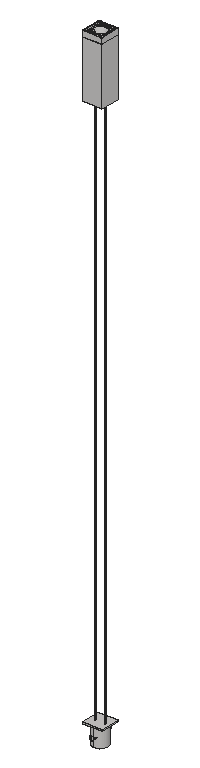
Revit family "CLighting-Luminii-Leto_44_Mini_P", category Lighting Fixtures, host Face, Revit 2020
Family settings
  Host = Face
  Round Connector Dimension = Use Diameter
  Part Type = Normal
  OmniClass Number = 23.80.70.11.14.21
  OmniClass Title = Spots and Tracklight Specialties
  Cut with Voids When Loaded = No
  Light Source = Yes
  Shared = Yes
  Room Calculation Point = No
Parameters (values of type "Medium")
  Width = 2 1/2"  # constant formula
  Wattage Comments = "6.1W"
  Wattage = 6.10022 W
  Warranty URL = "https://www.luminii.com/terms-conditions/"
  built-in parameter 1150110 = 1 (stored number, unit not read)
  Voltage Comments = "120V | 277V | 347V"  # constant formula
  Voltage = 120 V
  Version = "2020 - v1.0a"  # constant formula
  URL = "https://www.luminii.com/"
  built-in parameter 1114217 = 1 (stored number, unit not read)
  Tilt Angle = -90.00°  # constant formula
  built-in parameter 1150109 = 1 (stored number, unit not read)
  built-in parameter 1150134 = (empty or 0)
  built-in parameter 1150113 = 1 (stored number, unit not read)
  Support Phone = "224-699-9545"  # constant formula
  Support Email = "mailto:support@bimsmith.com"
  Product Page URL = "https://www.luminii.com/product/leto-44-mini-p/"
  Power Source Type = "Driver"  # constant formula
  Power Factor = 1
  Photometric Web File = "731-M-A90-660-35-15-00.ies"
  Phase = 1
  Operating Temperature = "Consult Manufacturer Website for more Information"  # constant formula
  Number of Poles = if(and(or(Voltage = 120 V, Voltage = 277 V), Phase = 1), 1, if(and(or(Voltage = 208 V, Voltage = 240 V), Phase = 1), 2, if(and(or(Voltage = 208 V, Voltage = 240 V), Phase = 3), 3, if(and(Voltage > 300 V, Phase = 1), 2, if(and(Voltage > 400 V, Phase = 3), 3, 1)))))  # 1
  Mounting Method = "Ceiling Mount"  # constant formula
  Model = if(Constraints = 1, "731-S", if(Constraints = 2, "731-M", if(Constraints = 3, "731-L", "N/A")))  # "731-M"
  Manufacturer Phone Number = "403-216-7043"  # constant formula
  Manufacturer Email = "mailto: info@sensolighting.com"
  Manufacturer Address = "302 50 Ave SE. Calgary, Alberta, T2G 2A9 Canada"  # constant formula
  Manufacturer = "Luminii"  # constant formula
  built-in parameter 1150105 = 55.704 (stored number, unit not read)
  Lumens = 700 lm
  Luminaire Type = "Pendant LED Downlight"  # constant formula
  built-in parameter 1150115 = 1 (stored number, unit not read)
  Load Classification = Lighting
  built-in parameter 1150137 = (empty or 0)
  built-in parameter 1150139 = (empty or 0)
  Lens Material = Plastic - Luminii - Frosted Lens
  Length [instance] = if(Constraints = 1, 2 7/8", if(Constraints = 2, 8 37/128", if(Constraints = 3, 13 159/256", 2 7/8")))  # 8 37/128"
  built-in parameter 1150112 = 1 (stored number, unit not read)
  built-in parameter 1150114 = 1 (stored number, unit not read)
  Lamp Life = 1
  Lamp = "LED"  # constant formula
  Keynote = "26 50 00"
  built-in parameter 1150132 = 2
  built-in parameter 1150102 = (empty or 0)
  built-in parameter 1150107 = 3500 (stored number, unit not read)
  Initial Color Comments = "Perfomance based on 3500K Photometric Web File"  # constant formula
  built-in parameter 1150138 = (empty or 0)
  built-in parameter 1150106 = 0.55704 (stored number, unit not read)
  Housing Protection Rating = "Consult Manufacturer Website for more Information"  # constant formula
  Has Dimming = 1 = 1  # yes
  Has Battery Backup = 0 = 1  # no
  Frequency Comments = ""  # constant formula
  Frequency = 60 Hz
  Finish = Metal - Luminii - Silver Anodized Aluminum
  Environment = "Indoor"  # constant formula
  built-in parameter 1150104 = 10.661 (stored number, unit not read)
  Dimming Type = "Consult Manufacturer Website for more Information"  # constant formula
  Dimming Lamp Color Temperature Shift = <None>
  Description = "Small Square Pendant"  # constant formula
  Depth = 2 1/2"  # constant formula
  Default Elevation = 0"  # constant formula
  Current Amps = 50 A
  Copyright = "©2023 Luminii"  # constant formula
  Control Zone = "Consult Manufacturer Website for more Information"  # constant formula
  Control Type = "Consult Manufacturer Website for more Information"  # constant formula
  Constraints = 2
  Color Filter = 16777215
  built-in parameter 1114216 [instance] = 0  # (empty or 0)
  Canopy Finish = Metal - Luminii - Silver Anodized Aluminum
  built-in parameter 1140040 [instance] = 1 = 1  # 1
  CCT = "3500K"
  C Canopy Offset [instance] = 0.14764"  # constant formula
  Desired Cable Length [instance] = 72"  # constant formula
  built-in parameter 1114218 = 1 (stored number, unit not read)
  built-in parameter 1150133 = 10 (stored number, unit not read)
  Assembly Code = "D5020230"
  Apparent Load = Wattage / Power Factor  # 6.10022 VA
  Actual Cable Length [instance] = if(Desired Cable Length < 12", 12", if(Desired Cable Length > 96", 96", Desired Cable Length))  # 72"
Types (3): name | Photometric Web File | Model | Length | Constraints
  Small | "731-S-A90-660-35-15-00.ies" | "731-S" | 2 7/8" | 1
  Medium | "731-M-A90-660-35-15-00.ies" | "731-M" | 8 37/128" | 2
  Large | "731-L-A90-660-35-15-00.ies" | "731-L" | 13 159/256" | 3
Reference planes (in)
  plane 1 "Center (Front/Back)": y = 0
  plane 2: z = 0
  plane 3 "Center (Left/Right)": x = 0
  plane 4: x = 0
  plane 5: x = 0
  plane 6: y = 1.25
  plane 7: y = -1.25
  plane 8 "B": z = 0.14764
  plane 9 "A": z = 72.14764
Forms (in)
  Extrusion 1, solid, material "Metal - Luminii - Silver Anodized Aluminum", not visible
    sketch origin (0, 0, 0) x (1, 0, 0) y (0, 1, 0)
      loop
        circle (0, 0) r 0.5
    from 0 to -0.17225
  Revolve 2, void
    sketch origin (0, 0, 0) x (1, 0, 0) y (0, 0, 1)
      loop
        line (0, -2.42867) -> (0, 0) -> (-1, 0) -> (-1, -2.42867) -> (0, -2.42867)
      axis (0, -2.42867) -> (0, 0)
    angle from 0 to 360
Lines and regions (in)
  model lines
    curve 1: line (-0.37509, -0.55408, 0) -> (-0.37509, -0.55408, 0.14764)
  reference lines
    curve 2: line (-0.37509, 13.23986, 80.4367) -> (-0.37509, -8.26014, 80.4367)
Dimensions and locks (in)
  equal spacing: plane 4, plane 3 "Center (Left/Right)", plane 5
  equal spacing: plane 6, plane 1 "Center (Front/Back)", plane 7
  plane 4 to plane 5 = 0"
  "Width": plane 6 to plane 7
  "Actual Cable Length": plane 9 "A" to plane 8 "B"
  "C Canopy Offset": plane 8 "B" to host face
  "Length": curve 2 to plane 9 "A"
  locked: imposter light to curve 2 at 0.93812
  aligned and locked: plane 2 to host face
  aligned and locked: plane 3 "Center (Left/Right)" to Extrusion 1 sketch curve
  aligned and locked: plane 1 "Center (Front/Back)" to Extrusion 1 sketch curve
  aligned and locked: plane 2 to Extrusion 1  (x2)
  aligned and locked: imposter light to plane 3 "Center (Left/Right)"
  aligned and locked: imposter light to plane 1 "Center (Front/Back)"
  aligned and locked: plane 3 "Center (Left/Right)" to nested 1
  aligned and locked: plane 1 "Center (Front/Back)" to nested 1
  aligned and locked: plane 3 "Center (Left/Right)" to nested 2
  aligned and locked: plane 1 "Center (Front/Back)" to nested 2
  aligned and locked: nested 1 to plane 9 "A"
Automatic sketch dimensions
  host sketch curve to host sketch curve = 96"  (x2)
  curve 1 to level = 0"
  level to curve 1 = 0.14764"
  plane 7 to curve 1 = 0.69592"
  curve 2 to plane 7 = 7.01014"
  plane 6 to curve 2 = 11.98986"
  Revolve 2 sketch curve to level = 0"
  Revolve 2 sketch curve to plane 3 "Center (Left/Right)" = 0"  (x2)
  Revolve 2 sketch curve to Revolve 2 sketch curve = 1"
  Revolve 2 sketch curve to level = 2.42867"
  Revolve 2 sketch curve to Revolve 2 sketch curve = 0.28485"
  Revolve 2 sketch curve to Revolve 2 sketch curve = 0.8842"
  radius of Extrusion 1 sketch curve = 1/2"
Nested families (in)
  nested 1: "Nested - Lamp" at (0, 0, 72.14764), type "Nested - Lamp"
  nested 2: "Nested - Canopy" at (0, 0, 0), type "Default"
    with Cable Length 72"
Connectors (in)
  electrical at (0, 0, 0), driven by "Number of Poles", driven by "Load Classification", driven by "Voltage", driven by "Apparent Load", driven by "Power Factor"
    settings: on Extrusion 1, index 1, voltage 120 V, apparent load 6.10022 VA, apparent load phase1 0 VA, apparent load phase2 0 VA, apparent load phase3 0 VA, power factor 1, load classification "Lighting", number of poles 1, system type 30, power factor state 1, is connector primary yes, connector utility no, sub classification motor no, connector description "Power Connection"
Definition of nested family "Nested - Lamp"
  Parameters (values of type "Nested - Lamp")
    Width = 3.74016"  # constant formula
    Screen Material = none
    Inner Screen = none
    Height = if(Constraint = 1, 2.87402", if(Constraint = 2, 8.2874", if(Constraint = 3, 13.62205", 2.87402")))  # 8.2874"
    Finish = none
    Default Elevation = 48"
    Constraint = 2
  Reference planes (in)
    plane 1 "Center (Front/Back)": y = 0
    plane 2: z = 0
    plane 3 "Center (Left/Right)": x = 0
  Forms (in)
    Extrusion 1, solid
      sketch origin (0, 0, 0) x (1, 0, 0) y (0, 1, 0)
        loop
          line (-48, 48) -> (-48, -48) -> (48, -48) -> (48, 48) -> (-48, 48)
      from 0 to -12
    Sweep 2, solid, material <- "Finish", detail levels medium+fine
      path origin (-0.03362, 1.25, 6.49606) x (0, 1, 0) y (-1, 0, 0)
        loop
          line (0.62008, -1.9037) -> (0.62008, 1.83645) -> (-3.12008, 1.83645) -> (-3.12008, -1.9037) -> (0.62008, -1.9037)
      profile origin (1.87008, 0, 6.49606) x (1, 0, 0) y (0, 0, 1)
        loop
          line (-0.62008, -6.49606) -> (-0.62008, 0.94488) -> (-0.67913, 0.94488) -> (-0.67913, 1.00394) -> (-0.62008, 1.00394) -> (-0.62008, 1.77165) -> (-0.77409, 1.77165) -> (-0.80217, 1.54298) -> (-0.84154, 1.54298) -> (-0.85874, 1.68307) -> (-0.91923, 1.68307) -> (-0.91923, 1.61417) -> (-0.88583, 1.61417) -> (-0.88583, 1.39764) -> (-0.77461, 1.39764) -> (-0.77461, -6.37795) -> (-0.67913, -6.37795) -> (-0.67913, -6.49606) -> (-0.62008, -6.49606)
    Extrusion 3, solid, material <- "Finish"
      sketch origin (-0.03362, 1.25, 8.28705) x (0, 1, 0) y (-1, 0, 0)
        loop
          line (-2.44094, -1.22457) -> (-0.05906, -1.22457) -> (-0.05906, 1.15732) -> (-2.44094, 1.15732) -> (-2.44094, -1.22457)
      from -8.26595 to -8.16894
    Sweep 4, solid, material <- "Finish", detail levels coarse
      path origin (-0.03362, 1.25, 6.49606) x (0, 1, 0) y (-1, 0, 0)
        loop
          line (0.62008, -1.9037) -> (0.62008, 1.83645) -> (-3.12008, 1.83645) -> (-3.12008, -1.9037) -> (0.62008, -1.9037)
      profile origin (1.87008, 0, 6.49606) x (1, 0, 0) y (0, 0, 1)
        loop
          line (-0.62008, -6.49606) -> (-0.62008, 1.79134) -> (-0.77167, 1.79134) -> (-0.77167, 1.68307) -> (-0.91923, 1.68307) -> (-0.91923, 1.61417) -> (-0.88583, 1.61417) -> (-0.88583, 1.39764) -> (-0.77461, 1.39764) -> (-0.77461, -6.37795) -> (-0.67913, -6.37795) -> (-0.67913, -6.49606) -> (-0.62008, -6.49606)
    Extrusion 5, solid, material <- "Finish", detail levels medium+fine
      sketch origin (1.09599, 1.09599, 8.26772) x (0, -1, 0) y (1, 0, 0)
        loop
          line (2.30072, 0.10873) -> (-0.10873, 0.10873) -> (-0.10873, -2.30072) -> (2.30072, -2.30072) -> (2.30072, 0.10873)
        loop
          line (-0.15401, 0.15401) -> (-0.15401, -2.34599) -> (2.34599, -2.34599) -> (2.34599, 0.15401) -> (-0.15401, 0.15401)
      from 0 to 0.01969
    Extrusion 6, solid, material <- "Finish", detail levels coarse
      sketch origin (0.95084, 0.95084, 8.17913) x (0, -1, 0) y (1, 0, 0)
        loop
          line (1.90169, 0) -> (0, 0) -> (0, -1.90169) -> (1.90169, -1.90169) -> (1.90169, 0)
        loop
          circle (0.95084, -0.95084) r 0.91278
      from 0 to -0.0689
    Revolve 7, solid
      sketch origin (-6.02743, 0, 8.2874) x (1, 0, 0) y (0, 0, 1)
        loop
          line (7.00343, -0.20866) -> (7.00343, -0.17717) -> (6.94044, -0.17717) -> (6.60579, -0.90157) -> (6.54528, -0.90157) -> (6.50026, -0.9765) -> (6.02743, -0.9765) -> (6.02743, -1.05456) -> (6.51832, -1.008) -> (6.56334, -0.93307) -> (6.62741, -0.93307) -> (6.96145, -0.20866) -> (7.00343, -0.20866)
        axis (6.02743, -0.17717) -> (6.02743, -1.05456)
      angle from 0 to 360
    Extrusion 8, solid, material <- "Screen Material"
      sketch origin (0, 0, 7.3109) x (0.477236, 0.878775, 0) y (-0.878775, 0.477236, 0)
        loop
          circle (0, 0) r 0.47283
      from 0 to 0.03937
    Revolve 9, solid, material <- "Finish"
      sketch origin (-0.49058, 0, 5.50775) x (1, 0, 0) y (0, 0, 1)
        loop
          line (1.38328, -5.48665) -> (1.15002, -5.48665) -> (1.15002, -5.54571) -> (1.38328, -5.54571) -> (1.38328, -5.48665)
        axis (1.15002, -5.48665) -> (1.15002, -5.54571)
      angle from 0 to 360
    Revolve 10, solid, material <- "Finish"
      sketch origin (0.49058, 0, 5.50775) x (-1, 0, 0) y (0, 0, -1)
        loop
          line (1.38328, 5.48665) -> (1.38328, 5.54571) -> (1.15002, 5.54571) -> (1.15002, 5.48665) -> (1.38328, 5.48665)
        axis (1.15002, 5.48665) -> (1.15002, 5.54571)
      angle from 0 to 360
    Extrusion 11, solid, material <- "Finish", detail levels medium+fine
      sketch origin (0.95084, 0.95084, 8.17913) x (0, -1, 0) y (1, 0, 0)
        loop
          line (1.90169, 0) -> (0, 0) -> (0, -1.90169) -> (1.90169, -1.90169) -> (1.90169, 0)
        loop
          circle (0.95084, -0.95084) r 0.91278
      from 0 to -0.0689
  Lines and regions (in)
    reference lines
      curve 1: line (-6.02743, 0, 8.2874) -> (4.47257, 0, 8.2874)
  Dimensions and locks (in)
    "Height": curve 1 to Extrusion 1
    locked: curve 1 to Extrusion 5 at 0.01969
    curve 1 to Sweep 2 sketch curve to Sweep 2 sketch curve to Sweep 2 sketch curve to Sweep 2 sketch curve to Sweep 2 sketch curve to Sweep 2 sketch curve = 0.01969" locked, 0.15748" locked, 0.07119" locked, 0.14534" locked, 0.3937" locked, 0.05906" locked
    curve 1 to Extrusion 8 to Extrusion 8 = 0.93713" locked, 0.03937" locked
    curve 1 to Extrusion 11 to Extrusion 11 = 0.10827" locked, 0.0689" locked
    curve 1 to Extrusion 6 to Extrusion 6 = 0.10827" locked, 0.0689" locked
    curve 1 to Sweep 4 sketch curve to Sweep 4 sketch curve to Sweep 4 sketch curve = 0.10827" locked, 0.0689" locked, 0.21654" locked
    aligned and locked: plane 2 to Extrusion 1
    aligned and locked: level to Extrusion 1
    aligned and locked: Extrusion 5 to curve 1
    aligned and locked: curve 1 to Sweep 4 sketch curve
  Automatic sketch dimensions
    Extrusion 1 sketch curve to Extrusion 1 sketch curve = 96"  (x2)
    plane 1 "Center (Front/Back)" to Sweep 2 sketch curve = 1.87008"
    Sweep 2 sketch curve to plane 1 "Center (Front/Back)" = 1.87008"
    plane 3 "Center (Left/Right)" to Sweep 2 sketch curve = 1.87008"
    Sweep 2 sketch curve to plane 3 "Center (Left/Right)" = 1.87008"
    profile plane to Sweep 2 sketch curve = 0.91923"
    Sweep 2 sketch curve to Sweep 2 sketch curve = 0.03341"
    Sweep 2 sketch curve to Sweep 2 sketch curve = 0.0605"
    Sweep 2 sketch curve to Sweep 2 sketch curve = 0.04429"
    Sweep 2 sketch curve to Sweep 2 sketch curve = 0.03937"
    profile plane to Sweep 2 sketch curve = 0.77461"
    Sweep 2 sketch curve to Sweep 2 sketch curve = 0.08465"
    Sweep 2 sketch curve to Sweep 2 sketch curve = 0.09547"  (x2)
    Sweep 2 sketch curve to Sweep 2 sketch curve = 0.15401"
    Sweep 2 sketch curve to Sweep 2 sketch curve = 0"
    Sweep 2 sketch curve to profile plane = 6.37795"
    Sweep 2 sketch curve to Sweep 2 sketch curve = 0.11811"
    Sweep 2 sketch curve to Sweep 2 sketch curve = 0.0689"
    plane 1 "Center (Front/Back)" to Extrusion 3 sketch curve = 1.19094"
    Extrusion 3 sketch curve to plane 1 "Center (Front/Back)" = 1.19094"
    plane 3 "Center (Left/Right)" to Extrusion 3 sketch curve = 1.19094"
    Extrusion 3 sketch curve to plane 3 "Center (Left/Right)" = 1.19094"
    plane 1 "Center (Front/Back)" to Sweep 4 sketch curve = 1.87008"
    Sweep 4 sketch curve to plane 1 "Center (Front/Back)" = 1.87008"
    plane 3 "Center (Left/Right)" to Sweep 4 sketch curve = 1.87008"
    Sweep 4 sketch curve to plane 3 "Center (Left/Right)" = 1.87008"
    profile plane to Sweep 4 sketch curve = 0.91923"
    Sweep 4 sketch curve to Sweep 4 sketch curve = 0.03341"
    profile plane to Sweep 4 sketch curve = 0.77461"
    Sweep 4 sketch curve to Sweep 4 sketch curve = 0.11416"
    Sweep 4 sketch curve to Sweep 4 sketch curve = 0.09547"
    Sweep 4 sketch curve to Sweep 4 sketch curve = 0.15159"
    Sweep 4 sketch curve to profile plane = 6.37795"
    Sweep 4 sketch curve to Sweep 4 sketch curve = 0.11811"
    Extrusion 5 sketch curve to Sweep 2 = 0"  (x3)
    Sweep 2 to Extrusion 5 sketch curve = 0"
    Sweep 2 to Extrusion 5 sketch curve = 0.04528"  (x4)
    Sweep 4 to Extrusion 6 sketch curve = 0"
    Extrusion 6 sketch curve to Sweep 4 = 0"  (x3)
    Sweep 4 to Extrusion 6 sketch curve = 0.95084"  (x2)
    curve 1 to Revolve 7 sketch curve = 0.9765"
    Revolve 7 sketch curve to curve 1 = 4.47257"
    Revolve 7 sketch curve to Revolve 7 sketch curve = 0.47283"
    curve 1 to Revolve 7 sketch curve = 1.008"
    Revolve 7 sketch curve to Revolve 7 sketch curve = 0.01806"  (x2)
    curve 1 to Revolve 7 sketch curve = 0.90157"
    Revolve 7 sketch curve to Revolve 7 sketch curve = 0.04502"
    curve 1 to Revolve 7 sketch curve = 0.93307"
    Revolve 7 sketch curve to Revolve 7 sketch curve = 0.04245"
    Revolve 7 sketch curve to Revolve 7 sketch curve = 0.02161"
    curve 1 to Revolve 7 sketch curve = 0.17717"
    Revolve 7 sketch curve to Revolve 7 sketch curve = 0.33465"
    curve 1 to Revolve 7 sketch curve = 0.20866"
    Revolve 7 sketch curve to Revolve 7 sketch curve = 0.02101"
    Revolve 7 sketch curve to Revolve 7 sketch curve = 0.04198"
    Revolve 7 sketch curve to Revolve 7 sketch curve = 0.07806"
    Revolve 7 sketch curve to Revolve 7 sketch curve = 0"  (x2)
    Revolve 7 sketch curve to curve 1 = 32.2874"
    plane 1 "Center (Front/Back)" to Extrusion 8 sketch curve = 0"
    Extrusion 8 sketch curve to plane 3 "Center (Left/Right)" = 0"
    level to Revolve 9 sketch curve = 0.0211"
    plane 3 "Center (Left/Right)" to Revolve 9 sketch curve = 0.65943"
    Revolve 9 sketch curve to level = 0.03796"
    Revolve 9 sketch curve to Revolve 9 sketch curve = 0.23327"
    Revolve 9 sketch curve to Revolve 9 sketch curve = 0"  (x2)
    Revolve 9 sketch curve to Revolve 9 sketch curve = 0.06786"
    level to Revolve 10 sketch curve = 0.0211"
    Revolve 10 sketch curve to plane 3 "Center (Left/Right)" = 0.65943"
    Revolve 10 sketch curve to level = 0.03796"
    Revolve 10 sketch curve to Revolve 10 sketch curve = 0.23327"
    Revolve 10 sketch curve to Revolve 10 sketch curve = 0"  (x2)
    Revolve 10 sketch curve to Revolve 10 sketch curve = 0.06786"
    Sweep 4 to Extrusion 11 sketch curve = 0"
    Extrusion 11 sketch curve to Sweep 4 = 0"  (x3)
    Sweep 4 to Extrusion 11 sketch curve = 0.95084"  (x2)
    curve 1 to plane 3 "Center (Left/Right)" = 6.02743"
    plane 3 "Center (Left/Right)" to curve 1 = 4.47257"
    radius of Extrusion 6 sketch curve = 0.91278"
    radius of Extrusion 8 sketch curve = 0.47283"
    radius of Extrusion 11 sketch curve = 0.91278"
Definition of nested family "Nested - Canopy"
  Parameters (values of type "Default")
    Square Canopy = no
    Round Canopy = yes
    Finish = none
    Feed Cable = 0.23"  # constant formula
    Default Elevation = 0"
    Cable Length = 74.13583"
    Aircraft Cable = 0.05"  # constant formula
  Reference planes (in)
    plane 1 "Center (Front/Back)": y = 0
    plane 2: z = 0
    plane 3 "Center (Left/Right)": x = 0
    plane 4: z = 74.28346
    plane 5: z = 0.14764
    plane 6: x = 1.25
    plane 7: x = -1.25
    plane 8: y = -1.25
    plane 9: y = 1.25
  Forms (in)
    Revolve 1, solid
      sketch origin (0, 0, 0) x (0, 1, 0) y (0, 0, 1)
        loop
          line (1, -2.42867) -> (1, 0) -> (0, 0) -> (0, -2.42867) -> (1, -2.42867)
        axis (0, 0) -> (0, -2.42867)
      angle from 0 to 360
    Extrusion 2, solid
      sketch origin (0, 0, 0) x (1, 0, 0) y (0, 1, 0)
        loop
          line (-0.22262, -0.9749) -> (-0.18726, -1.44135) -> (-0.10216, -1.52925)
          arc (-0.10216, -1.52925) -> (-0.08304, -1.53556) -> (-0.06697, -1.52343) r 0.02169
          line (-0.06697, -1.52343) -> (-0.03509, -1.4261)
          arc (-0.03509, -1.4261) -> (-0.01025, -1.41352) -> (0.00233, -1.43836) r 0.01969
          line (0.00233, -1.43836) -> (0.32189, -1.54302) -> (0.27773, -0.96066)
          arc (0.27773, -0.96066) -> (0.02846, -0.99959) -> (-0.22262, -0.9749) r 1
        loop
          line (0.22262, 0.9749) -> (0.18726, 1.44135) -> (0.10216, 1.52925)
          arc (0.10216, 1.52925) -> (0.08304, 1.53556) -> (0.06697, 1.52343) r 0.02169
          line (0.06697, 1.52343) -> (0.03509, 1.4261)
          arc (0.03509, 1.4261) -> (0.01025, 1.41352) -> (-0.00233, 1.43836) r 0.01969
          line (-0.00233, 1.43836) -> (-0.32189, 1.54302) -> (-0.27773, 0.96066)
          arc (-0.27773, 0.96066) -> (-0.02846, 0.99959) -> (0.22262, 0.9749) r 1
      from -1.29764 to -1.22295
    Extrusion 3, solid
      sketch origin (-0.30074, 1.60238, 0) x (0.31126, 0.950325, 0) y (0, 0, -1)
        loop
          arc (-0.06299, 1.22295) -> (-0.01845, 1.2045) -> (0, 1.15996) r 0.06299
          line (0, 1.15996) -> (0, 0.90394) -> (0.07469, 0.90394) -> (0.07469, 1.15996)
          arc (0.07469, 1.15996) -> (0.03436, 1.25731) -> (-0.06299, 1.29764) r 0.13768
          line (-0.06299, 1.29764) -> (-0.06299, 1.22295)
      from 0 to -0.33465
    Extrusion 4, solid
      sketch origin (0.30074, -1.60238, 0) x (-0.31126, -0.950325, 0) y (0, 0, -1)
        loop
          arc (-0.06299, 1.22295) -> (-0.01845, 1.2045) -> (0, 1.15996) r 0.06299
          line (0, 1.15996) -> (0, 0.90394) -> (0.07469, 0.90394) -> (0.07469, 1.15996)
          arc (0.07469, 1.15996) -> (0.03436, 1.25731) -> (-0.06299, 1.29764) r 0.13768
          line (-0.06299, 1.29764) -> (-0.06299, 1.22295)
      from 0 to -0.33465
    Extrusion 5, solid, material <- "Finish"
      sketch origin (0, 0, 0) x (1, 0, 0) y (0, 1, 0)
        loop
          line (1.25, -1.22047) -> (1.25, 1.22047)
          arc (1.25, 1.22047) -> (1.24135, 1.24135) -> (1.22047, 1.25) r 0.02953
          line (1.22047, 1.25) -> (-1.22047, 1.25)
          arc (-1.22047, 1.25) -> (-1.24135, 1.24135) -> (-1.25, 1.22047) r 0.02953
          line (-1.25, 1.22047) -> (-1.25, -1.22047)
          arc (-1.25, -1.22047) -> (-1.24135, -1.24135) -> (-1.22047, -1.25) r 0.02953
          line (-1.22047, -1.25) -> (1.22047, -1.25)
          arc (1.22047, -1.25) -> (1.24135, -1.24135) -> (1.25, -1.22047) r 0.02953
      from 0 to 0.14764
    Extrusion 6, solid
      sketch origin (0, 0, 0) x (1, 0, 0) y (0, 1, 0)
        loop
          circle (0.65943, 0) r 0.02374
        loop
          circle (-0.65943, 0) r 0.02374
      from 0.14764 to 74.24551
  Dimensions and locks (in)
    "Cable Length": plane 5 to plane 4
    equal spacing: plane 7, plane 3 "Center (Left/Right)", plane 6
    equal spacing: plane 9, plane 1 "Center (Front/Back)", plane 8
    plane 9 to plane 8 = 2 1/2"
    plane 7 to plane 6 = 2 1/2"
    locked: plane 4 to Extrusion 6 at 0.03796
    aligned and locked: plane 2 to level
    aligned and locked: plane 5 to Extrusion 6
  Automatic sketch dimensions
    Revolve 1 sketch curve to level = 0"
    Revolve 1 sketch curve to plane 1 "Center (Front/Back)" = 0"  (x2)
    Revolve 1 sketch curve to plane 9 = 1/4"
    Revolve 1 sketch curve to level = 2.42867"
    Revolve 1 sketch curve to Revolve 1 sketch curve = 0.52452"
    Revolve 1 sketch curve to Revolve 1 sketch curve = 0.31929"
    Extrusion 2 sketch curve to Extrusion 2 sketch curve = 0"  (x2)
    plane 1 "Center (Front/Back)" to Extrusion 2 sketch curve = 0"
    Extrusion 2 sketch curve to plane 3 "Center (Left/Right)" = 0"
    Extrusion 2 sketch curve to plane 3 "Center (Left/Right)" = 0.00233"
    Extrusion 2 sketch curve to plane 3 "Center (Left/Right)" = 0.01638"
    Extrusion 2 sketch curve to Extrusion 2 sketch curve = 0.01871"  (x2)
    Extrusion 2 sketch curve to plane 3 "Center (Left/Right)" = 0.06697"
    Extrusion 2 sketch curve to Extrusion 2 sketch curve = 0.01961"  (x2)
    Extrusion 2 sketch curve to Extrusion 2 sketch curve = 0.01558"  (x2)
    Extrusion 2 sketch curve to Extrusion 2 sketch curve = 0.0851"  (x2)
    Extrusion 2 sketch curve to plane 3 "Center (Left/Right)" = 0.22262"
    Extrusion 2 sketch curve to plane 3 "Center (Left/Right)" = 0.27773"
    Extrusion 2 sketch curve to plane 3 "Center (Left/Right)" = 0.32189"
    plane 3 "Center (Left/Right)" to Extrusion 2 sketch curve = 0.00233"
    plane 3 "Center (Left/Right)" to Extrusion 2 sketch curve = 0.01638"
    plane 3 "Center (Left/Right)" to Extrusion 2 sketch curve = 0.06697"
    plane 3 "Center (Left/Right)" to Extrusion 2 sketch curve = 0.22262"
    plane 3 "Center (Left/Right)" to Extrusion 2 sketch curve = 0.27773"
    plane 3 "Center (Left/Right)" to Extrusion 2 sketch curve = 0.32189"
    Extrusion 2 sketch curve to plane 8 = 0.28934"
    plane 8 to Extrusion 2 sketch curve = 0.1761"
    Extrusion 2 sketch curve to Extrusion 2 sketch curve = 0.00613"  (x2)
    Extrusion 2 sketch curve to Extrusion 2 sketch curve = 0.01525"  (x2)
    Extrusion 2 sketch curve to Extrusion 2 sketch curve = 0.08806"  (x2)
    Extrusion 2 sketch curve to Extrusion 2 sketch curve = 0.00927"  (x2)
    plane 8 to Extrusion 2 sketch curve = 0.29302"
    Extrusion 2 sketch curve to plane 9 = 0.28934"
    plane 9 to Extrusion 2 sketch curve = 0.1761"
    plane 9 to Extrusion 2 sketch curve = 0.29302"
    Extrusion 3 sketch curve to Extrusion 3 sketch curve = 0"  (x3)
    Extrusion 3 sketch curve to level = 1.22295"
    Extrusion 3 sketch curve to Extrusion 3 sketch curve = 0.06299"
    Extrusion 3 sketch curve to Extrusion 3 sketch curve = 0.07469"
    Extrusion 3 sketch curve to Extrusion 3 sketch curve = 0.25602"
    Extrusion 4 sketch curve to Extrusion 4 sketch curve = 0"  (x3)
    Extrusion 4 sketch curve to level = 1.22295"
    Extrusion 4 sketch curve to Extrusion 4 sketch curve = 0.06299"
    Extrusion 4 sketch curve to Extrusion 4 sketch curve = 0.07469"
    Extrusion 4 sketch curve to Extrusion 4 sketch curve = 0.25602"
    Extrusion 5 sketch curve to plane 7 = 0"
    plane 8 to Extrusion 5 sketch curve = 0"
    Extrusion 5 sketch curve to plane 9 = 0"
    Extrusion 5 sketch curve to plane 6 = 0"
    Extrusion 5 sketch curve to Extrusion 5 sketch curve = 0.02953"  (x3)
    Extrusion 5 sketch curve to plane 7 = 0.02953"
    plane 1 "Center (Front/Back)" to Extrusion 6 sketch curve = 0"  (x2)
    Extrusion 6 sketch curve to plane 7 = 0.59057"
    Extrusion 6 sketch curve to plane 6 = 0.59057"
    radius of Extrusion 6 sketch curve = 0.02374"  (x2)
